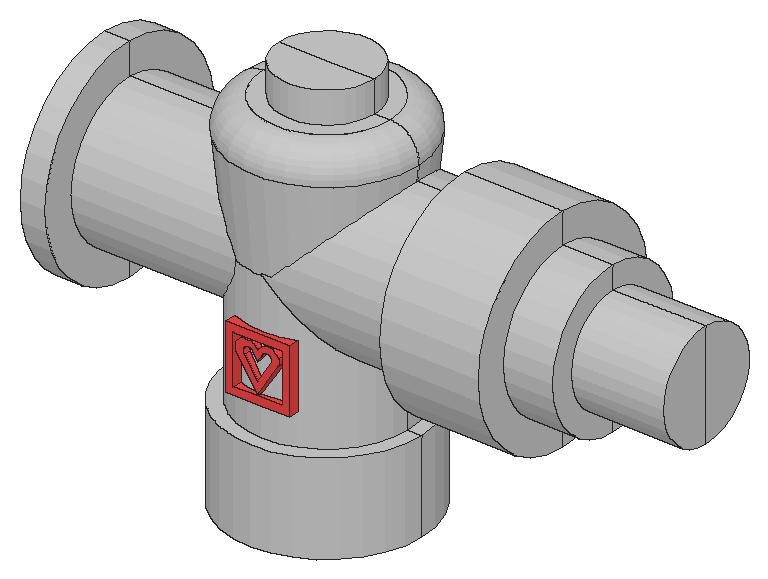
Revit family "HERZ-TS-98-VH Thermostatic Valve Reverse Angle Model 7628", category Rohrzubehör, Revit 2021
Family settings
  Bemaßung runder Anschluss = Durchmesser verwenden
  Teiletyp = Unterbricht
  OmniClass-Nummer = 23.65.55.14
  OmniClass-Titel = Valves for Liquid Services
  Arbeitsebenenbasiert = Nein
  Immer vertikal = Ja
  Beim Laden mit Abzugskörper schneiden = Nein
  Gemeinsam genutzt = Nein
Parameters
  Vorgabe-Ansicht = 0.000 mm
  URL = "www.herzvalves.com"
  Screw cap = "plastic, light grey"  # constant formula
  SCRNSEQ = "ARM;ARM_TYP=\"ALLF\";2"
  SCRNCODE = "05;00;02"  # constant formula
  S02 = L06 + L07 - L03  # 26.800 mm
  S01 = 10.000 mm  # constant formula
  R06 = 4.000 mm  # constant formula
  R05 = 13.500 mm  # constant formula
  R04 = 11.500 mm  # constant formula
  R03 = 9.000 mm  # constant formula
  R02 = 6.750 mm  # constant formula
  R01 = 7.000 mm  # constant formula
  Part number = 1762826  # constant formula
  Nennweite = 15.000 mm  # constant formula
  Model = "All models are nickel plated and supplied with a light gray screw cap."
  Medium = "Heating water purity according to Austrian standard ÖNORM H 5195 and/or VDI-guideline 2035."
  Max. operating temperature = 110 °C  # constant formula
  Max. operating pressure = 1000000.0 Pa  # constant formula
  LO1 = 16.000 mm  # constant formula
  L11 = L01 - L05  # 28.000 mm
  L10 = 7.500 mm  # constant formula
  L09 = 19.500 mm  # constant formula
  L08 = 13.200 mm  # constant formula
  L07 = 20.300 mm  # constant formula
  L06 = 14.000 mm  # constant formula
  L05 = 3.500 mm  # constant formula
  L04 = 28.000 mm  # constant formula
  L03 = 7.500 mm  # constant formula
  L02 = 27.000 mm  # constant formula
  L01 = 31.500 mm  # constant formula
  Hersteller = "HERZ Armaturen Ges.m.b.H."  # constant formula
  H04 = 12.900 mm  # constant formula
  H03 = 4.400 mm  # constant formula
  H02 = 22.350 mm  # constant formula
  H01 = 33.500 mm  # constant formula
  GT = 9.500 mm  # constant formula
  G2 = Nennweite / 2  # 7.500 mm
  G1 = Nennweite / 2  # 7.500 mm
  D08 = 5.300 mm  # constant formula
  D07 = 17.100 mm  # constant formula
  D06 = 10.650 mm  # constant formula
  D05 = 15.000 mm  # constant formula
  D04 = 9.525 mm  # constant formula
  D03 = 11.500 mm  # constant formula
  D02 = 10.500 mm  # constant formula
  D01 = 15.000 mm  # constant formula
  Connection thread for thermostatic head = "M30x1.5"  # constant formula
  Body = "nickel plated"  # constant formula
  Application = "Water heating systems in which hydraulic balancing via return valves is not possible or not desired"
Reference planes
  plane 1 "Mitte (Vorne/hinten)": y = 0
  plane 2: z = 0
  plane 3 "Mitte (Links/rechts)": x = 0
Forms (mm)
  Revolve 1, solid, material "Messing, weicher Gelbton, geschweißt", detail levels fine
    sketch origin (0, 0, 0) x (1, 0, 0) y (0, 0, 1)
      loop
        line (27, 0) -> (27, 9.525) -> (19.5, 9.525) -> (19.5, 11.5) -> (0, 11.5) -> (0, 10.5) -> (-28, 10.5) -> (-28, 15) -> (-31.5, 15) -> (-31.5, 0) -> (27, 0)
      axis (-31.5, 0) -> (27, 0)
    angle from 0 to 360
  Revolve 2, solid, material "Messing, weicher Gelbton, geschweißt", detail levels fine
    sketch origin (0, 0, 0) x (1, 0, 0) y (0, 0, 1)
      loop
        line (27, 0) -> (53.8, 0) -> (53.8, 7.5) -> (40.6, 7.5) -> (40.6, 10.65) -> (33.5, 10.65) -> (33.5, 15) -> (19.5, 15) -> (19.5, 9.525) -> (27, 9.525) -> (27, 0)
      axis (19.5, 0) -> (53.8, 0)
    angle from 0 to 360
  Revolve 3, solid, material "Messing, weicher Gelbton, geschweißt", detail levels fine
    sketch origin (0, 0, 0) x (1, 0, 0) y (0, 0, 1)
      loop
        line (0, 22.35) -> (0, -24) -> (7.5, -24) -> (7.5, -33.5) -> (13.5, -33.5) -> (13.5, -20.6) -> (11.5, -20.6) -> (11.5, 0) -> (12.969, 13.456)
        arc (12.969, 13.456) -> (11.998, 16.598) -> (9, 17.95) r 4
        line (9, 17.95) -> (6.75, 17.95) -> (6.75, 22.35) -> (0, 22.35)
      axis (0, 22.35) -> (0, -33.5)
    angle from 0 to 360
Lines and regions (mm)
  model lines, detail levels coarse+medium
    curve 1: line (0, 0, 0) -> (-13.5, 0, -33.5)
    curve 2: line (-13.5, 0, -33.5) -> (13.5, 0, -33.5)
    curve 3: line (13.5, 0, -33.5) -> (0, 0, 0)
    curve 4: line (0, 0, 0) -> (27, 0, 15)
    curve 5: line (27, 0, 15) -> (27, 0, -15)
    curve 6: line (27, 0, -15) -> (0, 0, 0)
    curve 7: line (0, 0, 0) -> (-31.5, 0, 0)
    curve 8: line (27, 0, 15) -> (37, 0, 15)
    curve 9: line (37, 0, 15) -> (27, 0, 0)
    curve 10: line (27, 0, -15) -> (37, 0, -15)
    curve 11: line (37, 0, -15) -> (27, 0, 0)
    curve 12: line (27, 0, 0) -> (53.8, 0, 0)
    curve 13: line (0, 0, 0) -> (-13.5, -33.5, 0)
    curve 14: line (-13.5, -33.5, 0) -> (13.5, -33.5, 0)
    curve 15: line (13.5, -33.5, 0) -> (0, 0, 0)
    curve 16: line (0, 0, 0) -> (27, 15, 0)
    curve 17: line (27, 15, 0) -> (27, -15, 0)
    curve 18: line (27, -15, 0) -> (0, 0, 0)
    curve 19: line (27, 15, 0) -> (37, 15, 0)
    curve 20: line (37, 15, 0) -> (27, 0, 0)
    curve 21: line (27, -15, 0) -> (37, -15, 0)
    curve 22: line (37, -15, 0) -> (27, 0, 0)
Dimensions and locks
  "D01": Revolve 1 sketch curve to Revolve 1 sketch curve
  "L05": Revolve 1 sketch curve to Revolve 1 sketch curve
  "D02": Revolve 1 sketch curve to Revolve 1 sketch curve
  "L01": plane 3 "Mitte (Links/rechts)" to Revolve 1 sketch curve
  "L02": plane 3 "Mitte (Links/rechts)" to Revolve 1 sketch curve
  "D03": Revolve 1 sketch curve to Revolve 1 sketch curve
  "D04": Revolve 1 sketch curve to Revolve 1 sketch curve
  "L04": Revolve 1 sketch curve to Revolve 1 sketch curve
  "L03": Revolve 1 sketch curve to Revolve 1 sketch curve
  "L06": Revolve 2 sketch curve to Revolve 2 sketch curve
  "L03": Revolve 2 sketch curve to Revolve 1
  "L02": Revolve 2 sketch curve to plane 3 "Mitte (Links/rechts)"
  "L07": Revolve 2 sketch curve to Revolve 2 sketch curve
  "L08": Revolve 2 sketch curve to Revolve 2 sketch curve
  "D04": Revolve 2 sketch curve to Revolve 2 sketch curve
  "D05": Revolve 2 sketch curve to Revolve 2 sketch curve
  "G2": Revolve 2 sketch curve to Revolve 2 sketch curve
  "D06": Revolve 2 sketch curve to Revolve 2 sketch curve
  "H01": plane 2 to Revolve 3 sketch curve
  "H02": Revolve 3 sketch curve to plane 2
  "R02": Revolve 3 sketch curve to Revolve 3 sketch curve
  "H03": Revolve 3 sketch curve to Revolve 3 sketch curve
  "H04": Revolve 3 sketch curve to Revolve 3 sketch curve
  "R05": Revolve 3 sketch curve to Revolve 3 sketch curve
  "R04": Revolve 3 sketch curve to Revolve 3 sketch curve
  "R03": Revolve 3 sketch curve to plane 3 "Mitte (Links/rechts)"
  "GT": Revolve 3 sketch curve to Revolve 3 sketch curve
  "G1": Revolve 3 sketch curve to Revolve 3 sketch curve
  "H01": plane 2 to curve 2
  "R05": curve 3 to plane 3 "Mitte (Links/rechts)" to curve 2
  "L02": curve 5 to plane 3 "Mitte (Links/rechts)"
  "D05": curve 8 to plane 2 to curve 10
  "S01": curve 5 to curve 9
  "S02": curve 12 to curve 12
  "L01": curve 7 to curve 7
  "H01": curve 14 to plane 1 "Mitte (Vorne/hinten)"
  "R05": curve 14 to plane 3 "Mitte (Links/rechts)" to curve 15
  "L02": plane 3 "Mitte (Links/rechts)" to curve 17
  "S01": curve 17 to curve 20
  "S01": curve 5 to curve 11
  "S01": curve 17 to curve 22
  "D05": curve 21 to plane 1 "Mitte (Vorne/hinten)" to curve 19
  "R04": nested 1 to plane 1 "Mitte (Vorne/hinten)"
  "LO1": plane 2 to nested 1
  "R06": radius of Revolve 3 sketch curve
  aligned and locked: level to plane 2
Automatic sketch dimensions
  curve 7 to level = 0.000 mm
  curve 1 to plane 3 "Mitte (Links/rechts)" = 0.000 mm
  curve 11 to level = 0.000 mm
  plane 1 "Mitte (Vorne/hinten)" to curve 13 = 0.000 mm
  curve 13 to plane 3 "Mitte (Links/rechts)" = 0.000 mm
  plane 1 "Mitte (Vorne/hinten)" to curve 20 = 0.000 mm
  Revolve 1 sketch curve to level = 0.000 mm  (x2)
  Revolve 1 sketch curve to Revolve 1 sketch curve = 1475.030 mm
  Revolve 1 sketch curve to Revolve 1 sketch curve = 1812.148 mm
  Revolve 2 sketch curve to level = 0.000 mm  (x2)
  Revolve 2 sketch curve to plane 3 "Mitte (Links/rechts)" = 1506.530 mm
  Revolve 2 sketch curve to Revolve 2 sketch curve = 1785.348 mm
  Revolve 3 sketch curve to plane 3 "Mitte (Links/rechts)" = 0.000 mm  (x2)
  Revolve 3 sketch curve to level = 0.000 mm
  Revolve 3 sketch curve to Revolve 3 sketch curve = 3.969 mm
  Revolve 3 sketch curve to Revolve 3 sketch curve = 332.545 mm
  Revolve 3 sketch curve to Revolve 3 sketch curve = 2191.965 mm
Nested families
  nested 1: "Herz-Logo-vorne" at (0, -11.5, -11.5) x (0, 1, 0) z (0, 0, 1), type "Herz-Logo-vorne"
Connectors
  piping at (53.8, 0, 0), diameter 15, driven by "Nennweite"
    settings: on Revolve 2, index 1, connector inside diameter 609.6 mm, connector length 0.000 mm, flow factor 0, pipe flow 0.0 L/s, pressure drop 0.0 Pa, fitting loss kfactor 0, connector angle 0.00°, fixture units 0, engagement length 0.000 mm, angle of deflection 0.00°, flow configuration 0, flow direction 2, fitting loss method 0, system type 7, joint type 0, gender type 0, connector reference index -1, connector utility 0, adjustable connector no, is connector primary yes, connector description ""
  piping at (0, 0, -24), diameter 15, driven by "Nennweite"
    settings: on Revolve 3, index 5, connector inside diameter 609.6 mm, connector length 0.000 mm, flow factor 0, pipe flow 0.0 L/s, pressure drop 0.0 Pa, fitting loss kfactor 0, connector angle 0.00°, fixture units 0, engagement length 0.000 mm, angle of deflection 0.00°, flow configuration 0, flow direction 1, fitting loss method 0, system type 7, joint type 0, gender type 0, connector reference index -1, connector utility 0, adjustable connector no, is connector primary no, connector description ""
Definition of nested family "Herz-Logo-vorne"
  Parameters (values of type "Herz-Logo-vorne")
    Default Elevation = 0.000 mm
  Reference planes
    plane 1 "Mitte (Vorne/hinten)": y = 0
    plane 2: z = 0
    plane 3 "Mitte (Links/rechts)": x = 0
  Forms (mm)
    Extrusion 1, solid
      sketch origin (0.732, -0.018, 0.017) x (0, -1, 0) y (0, 0, 1)
        loop
          line (-0.018, -4.517) -> (4.482, -4.517) -> (4.482, 4.483) -> (-4.518, 4.483) -> (-4.518, -4.517) -> (-0.018, -4.517)
        loop
          line (-0.05, -3.48) -> (3.482, -3.48) -> (3.482, 3.483) -> (-3.518, 3.483) -> (-3.518, -3.48) -> (-0.05, -3.48)
        loop
          arc (-0.018, 2.383) -> (-1.543, 3.287) -> (-3.067, 2.383) r 1.738
          arc (-3.067, 2.383) -> (-3.191, 1.899) -> (-3.067, 1.415) r 1.009
          line (-3.067, 1.415) -> (-0.018, -3.281) -> (3.032, 1.415)
          arc (3.032, 1.415) -> (3.156, 1.899) -> (3.032, 2.383) r 1.009
          arc (3.032, 2.383) -> (1.507, 3.287) -> (-0.018, 2.383) r 1.738
        loop
          arc (1.885, 1.272) -> (2.005, 1.675) -> (1.885, 2.079) r 0.74
          arc (1.885, 2.079) -> (1.265, 2.416) -> (0.644, 2.079) r 0.74
          line (0.644, 2.079) -> (-0.018, 0.97) -> (-0.679, 2.079)
          arc (-0.679, 2.079) -> (-1.3, 2.416) -> (-1.921, 2.079) r 0.74
          arc (-1.921, 2.079) -> (-2.04, 1.675) -> (-1.921, 1.272) r 0.74
          line (-1.921, 1.272) -> (-0.018, -1.658) -> (1.885, 1.272)
      from 0 to 1.5
  Dimensions and locks
    aligned and locked: level to plane 2
